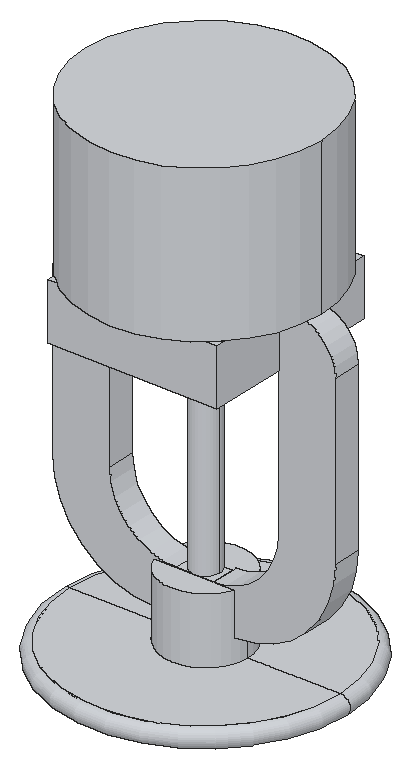
Revit family
Parameters (values of type "RASCO F1 PENDENT")
  Temperature Rating = 155 °F
  Response = (empty or 0)
  RASCO SIN # = "R1712"
  RASCO Part # = "FP1LC"
  Pressure Rating = "175 PSI"
  Pressure Class = (empty or 0)
  Orifice Size = 17/32"
  Orifice = (empty or 0)
  Model = "F1"
  Manufacturer = "RASCO"
  K-Factor = 8
  Description = "Chrome Finish"
  Coverage = (empty or 0)
Reference planes (in)
  plane 1 "Center (Front/Back)": y = 0
  plane 2: z = 0
  plane 3 "Center (Left/Right)": x = 0
Dimensions and locks (in)
  aligned and locked: plane 2 to level
Nested families (in)
  nested 1: "FP1LC" at (-0.01148, 0, 2.4375) x (-1, 0, 0) z (0, 0, -1), type "RASCO F1 PENDENT"
Connectors (in)
  piping at (-0.01148, 0, 2.4375)
    settings: on nested 1, index 1, connector radius 1/2", flow factor 0, pipe flow 0 GPM, pressure drop 0.00 psi, fitting loss kfactor 0, connector angle 0.00°, fixture units 0, flow configuration 0, flow direction 0, fitting loss method 0, system type 7, connector reference index -1, connector utility 0, adjustable connector no, is connector primary yes, fitting loss table "", connector description ""
Definition of nested family "FP1LC"
  Parameters (values of type "RASCO F1 PENDENT")
    Type Comments = ""
    Temperature Rating = 0 °F
    Response = (empty or 0)
    Pressure Rating = "0"
    Pressure Class = (empty or 0)
    Orifice Size = 0"
    Orifice = (empty or 0)
    Model = ""
    Manufacturer = ""
    K-Factor = 0
    Description = ""
    Coverage = (empty or 0)
    Assembly Code = ""
  Reference planes (in)
    plane 1 "Center (Front/Back)": y = 0
    plane 2: z = 0
    plane 3 "ref.2": z = 0.6875
    plane 4 "ref.3": z = 0.9375
    plane 5: x = -0.38065
    plane 6: x = 0.36935
    plane 7 "ref. side 1": y = 0.06402
    plane 8 "ref. side 2": y = -0.06098
    plane 9 "ref.4": z = 1.875
    plane 10 "ref.5": z = 2.3125
    plane 11 "ref.6": z = 2.4375
  Forms (in)
    Extrusion 1, solid
      sketch origin (0, 0, 0) x (1, 0, 0) y (0, 1, 0)
        loop
          circle (0, 0) r 0.5221
      from 0 to 0.6875
    Extrusion 2, solid
      sketch origin (-0.12185, 0.05177, 0.6875) x (1, 0, 0) y (0, 1, 0)
        loop
          line (-0.2588, 0.356) -> (-0.2588, -0.4565) -> (0.4912, -0.4565) -> (0.4912, 0.356) -> (-0.2588, 0.356)
      from 0 to 0.25
    Extrusion 3, solid
      sketch origin (0, 0, 0) x (1, 0, 0) y (0, 0, 1)
        loop
          line (-0.38065, 0.69674) -> (-0.38065, 1.58397)
          arc (-0.38065, 1.58397) -> (-0.29541, 1.78976) -> (-0.08962, 1.875) r 0.29103
          line (-0.08962, 1.875) -> (0.07524, 1.875)
          arc (0.07524, 1.875) -> (0.28321, 1.78886) -> (0.36935, 1.58089) r 0.29411
          line (0.36935, 1.58089) -> (0.36935, 0.69728)
          arc (0.36935, 0.69728) -> (0.54046, 0.72329) -> (0.61935, 0.87734) r 0.18984
          line (0.61935, 0.87734) -> (0.61935, 1.61676)
          arc (0.61935, 1.61676) -> (0.48879, 1.93194) -> (0.17361, 2.0625) r 0.44574
          line (0.17361, 2.0625) -> (-0.18509, 2.0625)
          arc (-0.18509, 2.0625) -> (-0.50015, 1.932) -> (-0.63065, 1.61694) r 0.44556
          line (-0.63065, 1.61694) -> (-0.63065, 0.87876)
          arc (-0.63065, 0.87876) -> (-0.55196, 0.72414) -> (-0.38065, 0.69674) r 0.19126
      from -0.06402 to 0.06098
    Extrusion 4, solid
      sketch origin (0, 0, 0.9375) x (-1, 0, 0) y (0, -1, 0)
        loop
          circle (0.00574, -0.00152) r 0.0625
      from 0 to 0.9375
    Extrusion 5, solid
      sketch origin (0, 0, 1.875) x (-1, 0, 0) y (0, -1, 0)
        loop
          circle (0.00574, -0.00152) r 0.1875
      from 0 to 0.4375
    Revolve 6, solid
      sketch origin (0, 0, -0.2777) x (1, 0, 0) y (0, 0, 1)
        loop
          line (-0.19324, 2.44318) -> (-0.19324, 2.52696) -> (-0.60506, 2.52696)
          arc (-0.60506, 2.52696) -> (-0.64695, 2.48507) -> (-0.60506, 2.44318) r 0.04189
          line (-0.60506, 2.44318) -> (-0.19324, 2.44318)
        axis (-0.00574, 2.44318) -> (-0.00574, 2.52696)
      angle from 0 to 360
  Cuts and joins
    joined: Extrusion 1, Extrusion 2, Extrusion 4, Revolve 6
  Lines and regions (in)
    model lines
      curve 1: line (-0.00574, 0.06402, 1.875) -> (-0.00574, -0.06098, 1.875)
  Dimensions and locks (in)
    Extrusion 3 to Extrusion 3 = 0' - 1 1/4"
    Extrusion 5 to cut or joined group of Extrusion 1, Extrusion 2, Extrusion 4, Revolve 6 = 0' - 2 5/16"
